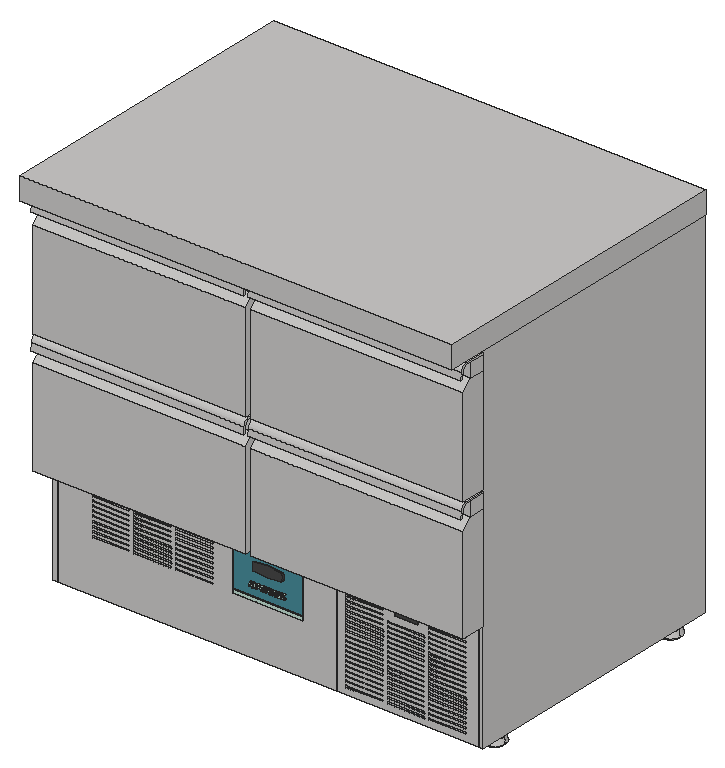
Revit family "QF_ALPENINOX_729692_ASAL25N04SH", category Specialty Equipment, Revit 2023
Family settings
  Round Connector Dimension = Use Diameter
  Part Type = Normal
  Work Plane-Based = No
  Enable Cutting in Views = No
  Always vertical = Yes
  Cut with Voids When Loaded = No
  Maintain Annotation Orientation = No
  Shared = No
  Room Calculation Point = No
Parameters (values of type "Standard")
  Weight = 85.00 kg
  Watts = 0 W
  Volts = 220 V
  URL Manufacturer = "http://www.alpeninox.com"
  URL = "http://www.alpeninox.com"
  Steam Supply Size = 0 mm
  Steam Supply Minimum Pressure = 0.0 Pa
  Steam Supply Maximum Pressure = 0.0 Pa
  Steam Consumption per Hour = 0
  Refrigeration Suction Line Size = 0 mm
  Refrigeration Liquid Line Size = 0 mm
  Refrigerant Compressor Remote = yes
  Default Elevation = 0 mm
  Manufacturer = "Alpeninox"
  Phase = 1
  Model = "ASAL25N04SH"
  Length Actual = 955 mm
  Item Number = "729692"
  Hot Water Size = 0 mm
  Height Actual = 850 mm
  HP = "0.4 HP"
  Gas Size = 0 mm
  Gas KW = 0
  Gas Input Pressure = 0 W
  Direct Waste Size = 0 mm
  Description = "4-DRAWER REFR. SUSHIDETTE COUNTER 250L -2+10°C-WITH TOP R290"
  Depth Actual = 700 mm
  Cycle = 50 Hz
  Condensate Return Size = 0 mm
  Compressed Air Volume = 0.0 L/s
  Compressed Air Size = 0 mm
  Compressed Air Pressure = 0.0 Pa
  Cold Water Size = 0 mm
  Accessory = no
Reference planes
  plane 1: z = 0
  plane 2 "Center (Left/Right)": x = -126.5
  plane 3 "Center (Front/Back)": y = 64.5
  plane 4 "BACK": y = 414.5
  plane 5 "FRONT": y = -285.5
  plane 6 "LEFT": x = -604
  plane 7 "RIGHT": x = 351
  plane 8 "FEET": z = 20
  plane 9 "TOP": z = 858
  plane 10 "PLAIN": z = 808
  plane 11 "EI_back": y = 414.5
  plane 12 "EI_left": x = 287.5
  plane 13 "BorderBack": y = 414.5
  plane 14 "BorderFront": y = -252.5
  plane 15 "DOOR": y = -197.5
  plane 16 "BorderLeft": x = -601.5
  plane 17 "BorderRight": x = 348.5
  plane 18: x = -576.5
  plane 19: x = 323.5
  plane 20: y = -701.5
  plane 21: z = 260
  plane 22 "FeetBack": y = 347.5
  plane 23 "FeetFront": y = -137.5
  plane 24 "FeetRight": x = 326.2
  plane 25 "FeetLeft": x = -579.2
  plane 26 "DrainX": x = -271.5
  plane 27 "DrainY": y = 91.5
  plane 28: z = 238
Forms (mm)
  Extrusion 1, solid, material "QF_Finishes_Stainless Steel"
    sketch origin (-1022.223, 359, -1763) x (-1, 0, 0) y (0, 0, -1)
      loop
        circle (-1309.723, -1883) r 5
    from -55.5 to -57.278
  Extrusion 2, solid, material "QF_Finishes_Stainless Steel"
    sketch origin (-1022.223, -1524, 20) x (-1, 0, 0) y (0, -1, 0)
      loop
        line (-420.723, -1938.5) -> (-420.723, -1326.5) -> (-1370.723, -1326.5) -> (-1370.723, -1938.5) -> (-420.723, -1938.5)
    from 0 to 788
  Extrusion 3, solid, material "QF_Finishes_Stainless Steel"
    sketch origin (0, 0, 808) x (-1, 0, 0) y (0, -1, 0)
      loop
        line (604, -414.5) -> (604, 285.5) -> (-351, 285.5) -> (-351, -414.5) -> (604, -414.5)
    from 0 to 50
  Extrusion 4, void
    sketch origin (0, 0, 0) x (1, 0, 0) y (0, 1, 0)
      loop
        line (-591.5, -197.5) -> (338.5, -197.5) -> (338.5, -195.5) -> (-591.5, -195.5) -> (-591.5, -197.5)
    from 20 to 260
  Extrusion 5, solid, material "QF_Finishes_Stainless Steel"
    sketch origin (0, 0, 0) x (1, 0, 0) y (0, 1, 0)
      loop
        line (-591.5, -195.5) -> (-591.5, -197.5) -> (26.373, -197.5) -> (26.373, -195.5) -> (-591.5, -195.5)
    from 20 to 260
  Extrusion 6, solid, material "QF_Finishes_Stainless Steel"
    sketch origin (0, 0, 0) x (1, 0, 0) y (0, 1, 0)
      loop
        line (26.373, -195.5) -> (26.373, -197.5) -> (338.5, -197.5) -> (338.5, -195.5) -> (26.373, -195.5)
    from 20 to 260
  Extrusion 7, void
    sketch origin (560, -285.5, 0) x (-1, 0, 0) y (0, 0, 1)
      loop
        line (514.036, 239.427) -> (431.036, 239.427) -> (431.036, 234.427) -> (514.036, 234.427) -> (514.036, 239.427)
      loop
        line (514.036, 229.427) -> (431.036, 229.427) -> (431.036, 224.427) -> (514.036, 224.427) -> (514.036, 229.427)
      loop
        line (514.036, 219.427) -> (431.036, 219.427) -> (431.036, 214.427) -> (514.036, 214.427) -> (514.036, 219.427)
      loop
        line (514.036, 209.427) -> (431.036, 209.427) -> (431.036, 204.427) -> (514.036, 204.427) -> (514.036, 209.427)
      loop
        line (514.036, 199.427) -> (431.036, 199.427) -> (431.036, 194.427) -> (514.036, 194.427) -> (514.036, 199.427)
      loop
        line (514.036, 189.427) -> (431.036, 189.427) -> (431.036, 184.427) -> (514.036, 184.427) -> (514.036, 189.427)
      loop
        line (514.036, 179.427) -> (431.036, 179.427) -> (431.036, 174.427) -> (514.036, 174.427) -> (514.036, 179.427)
      loop
        line (514.036, 169.427) -> (431.036, 169.427) -> (431.036, 164.427) -> (514.036, 164.427) -> (514.036, 169.427)
      loop
        line (514.036, 149.427) -> (431.036, 149.427) -> (431.036, 144.427) -> (514.036, 144.427) -> (514.036, 149.427)
      loop
        line (514.036, 139.427) -> (431.036, 139.427) -> (431.036, 134.427) -> (514.036, 134.427) -> (514.036, 139.427)
      loop
        line (422.036, 199.427) -> (339.036, 199.427) -> (339.036, 194.427) -> (422.036, 194.427) -> (422.036, 199.427)
      loop
        line (422.036, 189.427) -> (339.036, 189.427) -> (339.036, 184.427) -> (422.036, 184.427) -> (422.036, 189.427)
      loop
        line (422.036, 179.427) -> (339.036, 179.427) -> (339.036, 174.427) -> (422.036, 174.427) -> (422.036, 179.427)
      loop
        line (422.036, 149.427) -> (339.036, 149.427) -> (339.036, 144.427) -> (422.036, 144.427) -> (422.036, 149.427)
      loop
        line (422.036, 139.427) -> (339.036, 139.427) -> (339.036, 134.427) -> (422.036, 134.427) -> (422.036, 139.427)
      loop
        line (330.036, 239.427) -> (247.036, 239.427) -> (247.036, 234.427) -> (330.036, 234.427) -> (330.036, 239.427)
      loop
        line (330.036, 229.427) -> (247.036, 229.427) -> (247.036, 224.427) -> (330.036, 224.427) -> (330.036, 229.427)
      loop
        line (330.036, 219.427) -> (247.036, 219.427) -> (247.036, 214.427) -> (330.036, 214.427) -> (330.036, 219.427)
      loop
        line (330.036, 209.427) -> (247.036, 209.427) -> (247.036, 204.427) -> (330.036, 204.427) -> (330.036, 209.427)
      loop
        line (330.036, 199.427) -> (247.036, 199.427) -> (247.036, 194.427) -> (330.036, 194.427) -> (330.036, 199.427)
      loop
        line (330.036, 189.427) -> (247.036, 189.427) -> (247.036, 184.427) -> (330.036, 184.427) -> (330.036, 189.427)
      loop
        line (330.036, 179.427) -> (247.036, 179.427) -> (247.036, 174.427) -> (330.036, 174.427) -> (330.036, 179.427)
      loop
        line (330.036, 149.427) -> (247.036, 149.427) -> (247.036, 144.427) -> (330.036, 144.427) -> (330.036, 149.427)
      loop
        line (330.036, 139.427) -> (247.036, 139.427) -> (247.036, 134.427) -> (330.036, 134.427) -> (330.036, 139.427)
      loop
        line (422.036, 169.427) -> (339.036, 169.427) -> (339.036, 164.427) -> (422.036, 164.427) -> (422.036, 169.427)
      loop
        line (330.036, 169.427) -> (247.036, 169.427) -> (247.036, 164.427) -> (330.036, 164.427) -> (330.036, 169.427)
      loop
        line (514.036, 159.427) -> (431.036, 159.427) -> (431.036, 154.427) -> (514.036, 154.427) -> (514.036, 159.427)
      loop
        line (422.036, 159.427) -> (339.036, 159.427) -> (339.036, 154.427) -> (422.036, 154.427) -> (422.036, 159.427)
      loop
        line (330.036, 159.427) -> (247.036, 159.427) -> (247.036, 154.427) -> (330.036, 154.427) -> (330.036, 159.427)
      loop
        line (514.036, 129.427) -> (431.036, 129.427) -> (431.036, 124.427) -> (514.036, 124.427) -> (514.036, 129.427)
      loop
        line (514.036, 119.427) -> (431.036, 119.427) -> (431.036, 114.427) -> (514.036, 114.427) -> (514.036, 119.427)
      loop
        line (514.036, 109.427) -> (431.036, 109.427) -> (431.036, 104.427) -> (514.036, 104.427) -> (514.036, 109.427)
      loop
        line (514.036, 99.427) -> (431.036, 99.427) -> (431.036, 94.427) -> (514.036, 94.427) -> (514.036, 99.427)
      loop
        line (514.036, 79.427) -> (431.036, 79.427) -> (431.036, 74.427) -> (514.036, 74.427) -> (514.036, 79.427)
      loop
        line (514.036, 69.427) -> (431.036, 69.427) -> (431.036, 64.427) -> (514.036, 64.427) -> (514.036, 69.427)
      loop
        line (422.036, 129.427) -> (339.036, 129.427) -> (339.036, 124.427) -> (422.036, 124.427) -> (422.036, 129.427)
      loop
        line (422.036, 119.427) -> (339.036, 119.427) -> (339.036, 114.427) -> (422.036, 114.427) -> (422.036, 119.427)
      loop
        line (422.036, 109.427) -> (339.036, 109.427) -> (339.036, 104.427) -> (422.036, 104.427) -> (422.036, 109.427)
      loop
        line (422.036, 79.427) -> (339.036, 79.427) -> (339.036, 74.427) -> (422.036, 74.427) -> (422.036, 79.427)
      loop
        line (422.036, 69.427) -> (339.036, 69.427) -> (339.036, 64.427) -> (422.036, 64.427) -> (422.036, 69.427)
      loop
        line (330.036, 129.427) -> (247.036, 129.427) -> (247.036, 124.427) -> (330.036, 124.427) -> (330.036, 129.427)
      loop
        line (330.036, 119.427) -> (247.036, 119.427) -> (247.036, 114.427) -> (330.036, 114.427) -> (330.036, 119.427)
      loop
        line (330.036, 109.427) -> (247.036, 109.427) -> (247.036, 104.427) -> (330.036, 104.427) -> (330.036, 109.427)
      loop
        line (330.036, 79.427) -> (247.036, 79.427) -> (247.036, 74.427) -> (330.036, 74.427) -> (330.036, 79.427)
      loop
        line (330.036, 69.427) -> (247.036, 69.427) -> (247.036, 64.427) -> (330.036, 64.427) -> (330.036, 69.427)
      loop
        line (422.036, 99.427) -> (339.036, 99.427) -> (339.036, 94.427) -> (422.036, 94.427) -> (422.036, 99.427)
      loop
        line (330.036, 99.427) -> (247.036, 99.427) -> (247.036, 94.427) -> (330.036, 94.427) -> (330.036, 99.427)
      loop
        line (514.036, 89.427) -> (431.036, 89.427) -> (431.036, 84.427) -> (514.036, 84.427) -> (514.036, 89.427)
      loop
        line (422.036, 89.427) -> (339.036, 89.427) -> (339.036, 84.427) -> (422.036, 84.427) -> (422.036, 89.427)
      loop
        line (330.036, 89.427) -> (247.036, 89.427) -> (247.036, 84.427) -> (330.036, 84.427) -> (330.036, 89.427)
      loop
        line (514.036, 49.427) -> (431.036, 49.427) -> (431.036, 44.427) -> (514.036, 44.427) -> (514.036, 49.427)
      loop
        line (514.036, 39.427) -> (431.036, 39.427) -> (431.036, 34.427) -> (514.036, 34.427) -> (514.036, 39.427)
      loop
        line (422.036, 49.427) -> (339.036, 49.427) -> (339.036, 44.427) -> (422.036, 44.427) -> (422.036, 49.427)
      loop
        line (422.036, 39.427) -> (339.036, 39.427) -> (339.036, 34.427) -> (422.036, 34.427) -> (422.036, 39.427)
      loop
        line (330.036, 49.427) -> (247.036, 49.427) -> (247.036, 44.427) -> (330.036, 44.427) -> (330.036, 49.427)
      loop
        line (330.036, 39.427) -> (247.036, 39.427) -> (247.036, 34.427) -> (330.036, 34.427) -> (330.036, 39.427)
      loop
        line (514.036, 59.427) -> (431.036, 59.427) -> (431.036, 54.427) -> (514.036, 54.427) -> (514.036, 59.427)
      loop
        line (422.036, 59.427) -> (339.036, 59.427) -> (339.036, 54.427) -> (422.036, 54.427) -> (422.036, 59.427)
      loop
        line (330.036, 59.427) -> (247.036, 59.427) -> (247.036, 54.427) -> (330.036, 54.427) -> (330.036, 59.427)
      loop
        line (405.536, 239.427) -> (355.536, 239.427) -> (355.536, 214.427) -> (405.536, 214.427) -> (405.536, 239.427)
    from 88 to 90
  Extrusion 8, solid, material "QF_Finishes_Black"
    sketch origin (0, -285.5, 0) x (-1, 0, 0) y (0, 0, 1)
      loop
        line (-154.464, 239.427) -> (-204.464, 239.427) -> (-204.464, 214.427) -> (-154.464, 214.427) -> (-154.464, 239.427)
    from 88 to 90
  Extrusion 9, solid, material "QF_Finishes_Stainless Steel"
    sketch origin (-1022.223, -1524, 20) x (-1, 0, 0) y (0, -1, 0)
      loop
        circle (-750.723, -1615.5) r 6.35
    from 199.427 to 218
  Extrusion 10, void
    sketch origin (0, -285.5, 0) x (-1, 0, 0) y (0, 0, 1)
      loop
        line (514.036, 239.427) -> (431.036, 239.427) -> (431.036, 234.427) -> (514.036, 234.427) -> (514.036, 239.427)
      loop
        line (514.036, 229.427) -> (431.036, 229.427) -> (431.036, 224.427) -> (514.036, 224.427) -> (514.036, 229.427)
      loop
        line (514.036, 219.427) -> (431.036, 219.427) -> (431.036, 214.427) -> (514.036, 214.427) -> (514.036, 219.427)
      loop
        line (514.036, 209.427) -> (431.036, 209.427) -> (431.036, 204.427) -> (514.036, 204.427) -> (514.036, 209.427)
      loop
        line (514.036, 199.427) -> (431.036, 199.427) -> (431.036, 194.427) -> (514.036, 194.427) -> (514.036, 199.427)
      loop
        line (514.036, 189.427) -> (431.036, 189.427) -> (431.036, 184.427) -> (514.036, 184.427) -> (514.036, 189.427)
      loop
        line (514.036, 179.427) -> (431.036, 179.427) -> (431.036, 174.427) -> (514.036, 174.427) -> (514.036, 179.427)
      loop
        line (514.036, 169.427) -> (431.036, 169.427) -> (431.036, 164.427) -> (514.036, 164.427) -> (514.036, 169.427)
      loop
        line (514.036, 149.427) -> (431.036, 149.427) -> (431.036, 144.427) -> (514.036, 144.427) -> (514.036, 149.427)
      loop
        line (514.036, 139.427) -> (431.036, 139.427) -> (431.036, 134.427) -> (514.036, 134.427) -> (514.036, 139.427)
      loop
        line (422.036, 199.427) -> (339.036, 199.427) -> (339.036, 194.427) -> (422.036, 194.427) -> (422.036, 199.427)
      loop
        line (422.036, 189.427) -> (339.036, 189.427) -> (339.036, 184.427) -> (422.036, 184.427) -> (422.036, 189.427)
      loop
        line (422.036, 179.427) -> (339.036, 179.427) -> (339.036, 174.427) -> (422.036, 174.427) -> (422.036, 179.427)
      loop
        line (422.036, 149.427) -> (339.036, 149.427) -> (339.036, 144.427) -> (422.036, 144.427) -> (422.036, 149.427)
      loop
        line (422.036, 139.427) -> (339.036, 139.427) -> (339.036, 134.427) -> (422.036, 134.427) -> (422.036, 139.427)
      loop
        line (330.036, 239.427) -> (247.036, 239.427) -> (247.036, 234.427) -> (330.036, 234.427) -> (330.036, 239.427)
      loop
        line (330.036, 229.427) -> (247.036, 229.427) -> (247.036, 224.427) -> (330.036, 224.427) -> (330.036, 229.427)
      loop
        line (330.036, 219.427) -> (247.036, 219.427) -> (247.036, 214.427) -> (330.036, 214.427) -> (330.036, 219.427)
      loop
        line (330.036, 209.427) -> (247.036, 209.427) -> (247.036, 204.427) -> (330.036, 204.427) -> (330.036, 209.427)
      loop
        line (330.036, 199.427) -> (247.036, 199.427) -> (247.036, 194.427) -> (330.036, 194.427) -> (330.036, 199.427)
      loop
        line (330.036, 189.427) -> (247.036, 189.427) -> (247.036, 184.427) -> (330.036, 184.427) -> (330.036, 189.427)
      loop
        line (330.036, 179.427) -> (247.036, 179.427) -> (247.036, 174.427) -> (330.036, 174.427) -> (330.036, 179.427)
      loop
        line (330.036, 149.427) -> (247.036, 149.427) -> (247.036, 144.427) -> (330.036, 144.427) -> (330.036, 149.427)
      loop
        line (330.036, 139.427) -> (247.036, 139.427) -> (247.036, 134.427) -> (330.036, 134.427) -> (330.036, 139.427)
      loop
        line (422.036, 169.427) -> (339.036, 169.427) -> (339.036, 164.427) -> (422.036, 164.427) -> (422.036, 169.427)
      loop
        line (330.036, 169.427) -> (247.036, 169.427) -> (247.036, 164.427) -> (330.036, 164.427) -> (330.036, 169.427)
      loop
        line (514.036, 159.427) -> (431.036, 159.427) -> (431.036, 154.427) -> (514.036, 154.427) -> (514.036, 159.427)
      loop
        line (422.036, 159.427) -> (339.036, 159.427) -> (339.036, 154.427) -> (422.036, 154.427) -> (422.036, 159.427)
      loop
        line (330.036, 159.427) -> (247.036, 159.427) -> (247.036, 154.427) -> (330.036, 154.427) -> (330.036, 159.427)
      loop
        line (422.036, 239.427) -> (339.036, 239.427) -> (339.036, 234.427) -> (422.036, 234.427) -> (422.036, 239.427)
      loop
        line (422.036, 229.427) -> (339.036, 229.427) -> (339.036, 224.427) -> (422.036, 224.427) -> (422.036, 229.427)
      loop
        line (422.036, 219.427) -> (339.036, 219.427) -> (339.036, 214.427) -> (422.036, 214.427) -> (422.036, 219.427)
      loop
        line (422.036, 209.427) -> (339.036, 209.427) -> (339.036, 204.427) -> (422.036, 204.427) -> (422.036, 209.427)
      loop
        line (204.5, 134.427) -> (204.5, 239.427) -> (48.5, 239.427) -> (48.5, 134.427) -> (204.5, 134.427)
    from 88 to 90
Cuts and joins
  Extrusion 4, Extrusion 7, Extrusion 10 cuts Extrusion 2
  Extrusion 7, Extrusion 10 cuts Extrusion 5
  Extrusion 7 cuts Extrusion 6
Lines and regions (mm)
  symbolic lines, style "SpecialityEquipment"
    curve 1: line (-604, 414.5, 808) -> (351, 414.5, 808)
    curve 2: line (-604, -285.5, 808) -> (-604, 414.5, 808)
    curve 3: line (351, -285.5, 808) -> (-604, -285.5, 808)
    curve 4: line (351, 414.5, 808) -> (351, -285.5, 808)
  symbolic lines, style "SpecialityEquipmentHiddenLines"
    curve 5: line (-604, -197.5, 808) -> (351, -197.5, 808)
Dimensions and locks
  equal spacing: plane 6 "LEFT", plane 2 "Center (Left/Right)", plane 7 "RIGHT"
  plane 8 "FEET" to level = 20 mm
  plane 4 "BACK" to plane 13 "BorderBack" = 0 mm
  plane 14 "BorderFront" to plane 5 "FRONT" = 33 mm
  plane 15 "DOOR" to plane 14 "BorderFront" = 55 mm
  plane 6 "LEFT" to plane 16 "BorderLeft" = 2.5 mm
  plane 17 "BorderRight" to plane 7 "RIGHT" = 2.5 mm
  plane 10 "PLAIN" to plane 8 "FEET" = 788 mm
  plane 9 "TOP" to plane 10 "PLAIN" = 50 mm
  plane 19 to plane 17 "BorderRight" = 25 mm
  plane 13 "BorderBack" to plane 11 "EI_back" = 0 mm
  plane 6 "LEFT" to plane 7 "RIGHT" = 955 mm
  plane 4 "BACK" to plane 5 "FRONT" = 700 mm
  equal spacing: plane 4 "BACK", plane 3 "Center (Front/Back)", plane 5 "FRONT"
  plane 13 "BorderBack" to plane 20 = 1116 mm
  plane 21 to plane 8 "FEET" = 240 mm
  plane 13 "BorderBack" to plane 22 "FeetBack" = 67 mm
  plane 23 "FeetFront" to plane 15 "DOOR" = 60 mm
  plane 24 "FeetRight" to plane 17 "BorderRight" = 22.3 mm
  plane 12 "EI_left" to plane 17 "BorderRight" = 61 mm
  plane 13 "BorderBack" to plane 27 "DrainY" = 323 mm
  plane 16 "BorderLeft" to plane 26 "DrainX" = 330 mm
  plane 28 to plane 8 "FEET" = 218 mm
  aligned and locked: level to plane 1
Automatic sketch dimensions
  Extrusion 1 sketch curve to plane 12 "EI_left" = 0 mm
  plane 8 "FEET" to Extrusion 1 sketch curve = 100 mm
  Extrusion 2 sketch curve to plane 4 "BACK" = 0 mm
  Extrusion 2 sketch curve to plane 17 "BorderRight" = 0 mm
  Extrusion 2 sketch curve to plane 15 "DOOR" = 0 mm
  Extrusion 2 sketch curve to plane 16 "BorderLeft" = 0 mm
  Extrusion 3 sketch curve to plane 4 "BACK" = 0 mm
  Extrusion 3 sketch curve to plane 7 "RIGHT" = 0 mm
  Extrusion 3 sketch curve to plane 5 "FRONT" = 0 mm
  Extrusion 3 sketch curve to plane 6 "LEFT" = 0 mm
  Extrusion 4 sketch curve to plane 15 "DOOR" = 0 mm
  plane 16 "BorderLeft" to Extrusion 4 sketch curve = 10 mm
  Extrusion 4 sketch curve to plane 17 "BorderRight" = 10 mm
  plane 15 "DOOR" to Extrusion 4 sketch curve = 2 mm
  Extrusion 5 sketch curve to plane 15 "DOOR" = 0 mm
  plane 16 "BorderLeft" to Extrusion 5 sketch curve = 10 mm
  plane 2 "Center (Left/Right)" to Extrusion 5 sketch curve = 152.873 mm
  plane 15 "DOOR" to Extrusion 5 sketch curve = 2 mm
  Extrusion 6 sketch curve to plane 15 "DOOR" = 0 mm
  plane 2 "Center (Left/Right)" to Extrusion 6 sketch curve = 152.873 mm
  Extrusion 6 sketch curve to plane 17 "BorderRight" = 10 mm
  plane 15 "DOOR" to Extrusion 6 sketch curve = 2 mm
  Extrusion 7 sketch curve to plane 19 = 10.536 mm  (x6)
  Extrusion 7 sketch curve to Extrusion 7 sketch curve = 0 mm  (x96)
  Extrusion 7 sketch curve to Extrusion 7 sketch curve = 83 mm  (x4)
  Extrusion 7 sketch curve to plane 21 = 20.573 mm  (x2)
  Extrusion 7 sketch curve to Extrusion 7 sketch curve = 9 mm  (x11)
  Extrusion 7 sketch curve to Extrusion 7 sketch curve = 66.5 mm
  Extrusion 7 sketch curve to Extrusion 7 sketch curve = 16.5 mm
  plane 8 "FEET" to Extrusion 7 sketch curve = 29.427 mm  (x2)
  Extrusion 7 sketch curve to Extrusion 7 sketch curve = 5 mm  (x115)
  Extrusion 7 sketch curve to Extrusion 7 sketch curve = 15 mm
  Extrusion 7 sketch curve to Extrusion 7 sketch curve = 25.5 mm
  Extrusion 8 sketch curve to plane 21 = 20.573 mm
  Extrusion 8 sketch curve to plane 19 = 119.036 mm
  Extrusion 8 sketch curve to Extrusion 8 sketch curve = 50 mm
  Extrusion 8 sketch curve to Extrusion 8 sketch curve = 25 mm
  Extrusion 9 sketch curve to plane 26 "DrainX" = 0 mm
  Extrusion 9 sketch curve to plane 27 "DrainY" = 0 mm
  curve 1 to plane 4 "BACK" = 0 mm
  curve 5 to plane 7 "RIGHT" = 0 mm
  curve 3 to plane 5 "FRONT" = 0 mm
  curve 3 to plane 6 "LEFT" = 0 mm
  curve 5 to plane 15 "DOOR" = 0 mm
  plane 2 "Center (Left/Right)" to Extrusion 10 sketch curve = 78 mm
  plane 28 to Extrusion 10 sketch curve = 1.427 mm  (x4)
  plane 26 "DrainX" to Extrusion 10 sketch curve = 67 mm
  plane 26 "DrainX" to Extrusion 10 sketch curve = 24.464 mm  (x2)
  Extrusion 10 sketch curve to Extrusion 10 sketch curve = 0 mm  (x56)
  Extrusion 10 sketch curve to plane 26 "DrainX" = 58.536 mm
  Extrusion 10 sketch curve to Extrusion 10 sketch curve = 9 mm  (x6)
  Extrusion 10 sketch curve to Extrusion 10 sketch curve = 83 mm
  Extrusion 10 sketch curve to plane 28 = 3.573 mm  (x3)
  Extrusion 10 sketch curve to plane 28 = 13.573 mm  (x2)
  plane 18 to Extrusion 10 sketch curve = 62.464 mm  (x2)
  Extrusion 10 sketch curve to Extrusion 10 sketch curve = 5 mm  (x57)
  radius of Extrusion 1 sketch curve = 5 mm
  radius of Extrusion 9 sketch curve = 6.35 mm
Nested families
  nested 1: "HORIZREF_ALP_HALF" at (-366.5, -197.5, 531.5) x (1, 0, 0) z (0, -1, 0), type "HORIZREF_ALP_HALF"
  nested 2: "HORIZREF_ALP_DISPLAY" at (-126.5, -195.5, 184.427) x (1, 0, 0) z (0, -1, 0), type "HORIZREF_ALP_DISPLAY"
  nested 3: "HORIZREF_FEET20" at (326.2, -137.5, 0), type "HORIZREF_FEET20"
  nested 4: "HORIZREF_FEET20" at (326.2, 347.5, 0), type "HORIZREF_FEET20"
  nested 5: "HORIZREF_FEET20" at (-579.2, -137.5, 0), type "HORIZREF_FEET20"
  nested 6: "HORIZREF_FEET20" at (-579.2, 347.5, 0), type "HORIZREF_FEET20"
  nested 7: "HORIZREF_ALP_HALF" at (113.5, -197.5, 531.5) x (1, 0, 0) z (0, -1, 0), type "HORIZREF_ALP_HALF"
  nested 8: "Refrigerator" at (351, -285.5, 808), type "Refrigerator"
Connectors
  electrical at (287.5, 416.278, 120), driven by "Volts"
    settings: on Extrusion 1, index 1, voltage 220 V, apparent load 0 VA, apparent load phase1 0 VA, apparent load phase2 0 VA, apparent load phase3 0 VA, power factor 1, load classification "Other", number of poles 1, system type 31, power factor state 1, is connector primary yes, connector utility no, sub classification motor no, connector description "Electrical Connection"
  piping at (-271.5, 91.5, 219.427), diameter 12.7
    settings: on Extrusion 9, index 2, connector inside diameter 609.6 mm, connector length 0 mm, flow factor 0, pipe flow 0.0 L/s, pressure drop 0.0 Pa, fitting loss kfactor 0, connector angle 0.00°, fixture units 0, engagement length 0 mm, angle of deflection 0.00°, flow configuration 0, flow direction 2, fitting loss method 0, system type 16, joint type 0, gender type 0, connector reference index -1, connector utility 0, adjustable connector no, is connector primary yes, connector description "Drain"
Definition of nested family "HORIZREF_ALP_HALF"
  Parameters (values of type "HORIZREF_ALP_HALF")
    Show Clearance [instance] = yes
    Default Elevation = 1219.2 mm
  Reference planes
    plane 1 "Centro (Fronte/Retro)": y = 0
    plane 2: z = 0
    plane 3 "Centro (Sinistra/Destra)": x = 0
    plane 4 "Left": x = -235
    plane 5 "Right": x = 235
    plane 6: y = -271.5
    plane 7: y = 271.5
  Forms (mm)
    Extrusion 1, solid
      sketch origin (0, 0, 0) x (1, 0, 0) y (0, 1, 0)
        loop
          line (-1219.2, 1219.2) -> (-1219.2, -1219.2) -> (1219.2, -1219.2) -> (1219.2, 1219.2) -> (-1219.2, 1219.2)
      from 0 to -304.8
    Extrusion 2, solid
      sketch origin (0, -42.5, -3) x (0, 1, 0) y (0, 0, 1)
        loop
          line (42.5, 58) -> (42.5, 3) -> (279.183, 3) -> (279.183, 37.596) -> (258.779, 58) -> (42.5, 58)
      from -235 to 235
    Extrusion 3, solid
      sketch origin (0, -42.5, 0) x (0, 1, 0) y (0, 0, 1)
        loop
          line (314, 0) -> (314, 44.493)
          arc (314, 44.493) -> (310.059, 54.627) -> (300.307, 59.436) r 15
          line (300.307, 59.436) -> (285.612, 60.721) -> (285.351, 57.733) -> (300.046, 56.447)
          arc (300.046, 56.447) -> (307.847, 52.6) -> (311, 44.493) r 12
          line (311, 44.493) -> (311, 0) -> (314, 0)
      from -235 to 235
    Extrusion 4, solid
      sketch origin (0, -42.5, -3) x (0, 1, 0) y (0, 0, 1)
        loop
          line (279.183, 37.596) -> (279.183, 3) -> (311, 3) -> (311, 37.596) -> (279.183, 37.596)
      from -235 to 235
    Extrusion 5, solid
      sketch origin (0, -42.5, -3) x (0, 1, 0) y (0, 0, 1)
        loop
          line (-229, 58) -> (-229, 3) -> (4.183, 3) -> (4.183, 37.596) -> (-16.221, 58) -> (-229, 58)
      from -235 to 235
    Extrusion 6, solid
      sketch origin (0, -317.5, 0) x (0, 1, 0) y (0, 0, 1)
        loop
          line (314, 0) -> (314, 44.493)
          arc (314, 44.493) -> (310.059, 54.627) -> (300.307, 59.436) r 15
          line (300.307, 59.436) -> (285.612, 60.721) -> (285.351, 57.733) -> (300.046, 56.447)
          arc (300.046, 56.447) -> (307.847, 52.6) -> (311, 44.493) r 12
          line (311, 44.493) -> (311, 0) -> (314, 0)
      from -235 to 235
    Extrusion 7, solid
      sketch origin (0, -317.5, -3) x (0, 1, 0) y (0, 0, 1)
        loop
          line (279.183, 37.596) -> (279.183, 3) -> (311, 3) -> (311, 37.596) -> (279.183, 37.596)
      from -235 to 235
    Extrusion 8, solid, detail levels coarse
      sketch origin (0, -42.5, 446) x (0, 1, 0) y (0, 0, 1)
        loop
          line (42.5, 58) -> (42.5, 3) -> (279.183, 3) -> (279.183, 37.596) -> (258.779, 58) -> (42.5, 58)
      from -235 to 235
    Extrusion 9, solid, detail levels coarse
      sketch origin (0, -42.5, 446) x (0, 1, 0) y (0, 0, 1)
        loop
          line (-229, 58) -> (-229, 3) -> (4.183, 3) -> (4.183, 37.596) -> (-16.221, 58) -> (-229, 58)
      from -235 to 235
    Extrusion 10, solid, detail levels coarse
      sketch origin (0, -42.5, 454) x (0, 1, 0) y (0, 0, 1)
        loop
          line (314, -5) -> (314, 39.493)
          arc (314, 39.493) -> (310.059, 49.627) -> (300.307, 54.436) r 15
          line (300.307, 54.436) -> (285.612, 55.721) -> (285.351, 52.733) -> (300.046, 51.447)
          arc (300.046, 51.447) -> (307.847, 47.6) -> (311, 39.493) r 12
          line (311, 39.493) -> (311, -5) -> (314, -5)
      from -235 to 235
    Extrusion 11, solid, detail levels coarse
      sketch origin (0, -317.5, 454) x (0, 1, 0) y (0, 0, 1)
        loop
          line (314, -5) -> (314, 39.493)
          arc (314, 39.493) -> (310.059, 49.627) -> (300.307, 54.436) r 15
          line (300.307, 54.436) -> (285.612, 55.721) -> (285.351, 52.733) -> (300.046, 51.447)
          arc (300.046, 51.447) -> (307.847, 47.6) -> (311, 39.493) r 12
          line (311, 39.493) -> (311, -5) -> (314, -5)
      from -235 to 235
    Extrusion 12, solid, detail levels coarse
      sketch origin (0, -42.5, 446) x (0, 1, 0) y (0, 0, 1)
        loop
          line (279.183, 37.596) -> (279.183, 3) -> (311, 3) -> (311, 37.596) -> (279.183, 37.596)
      from -235 to 235
    Extrusion 13, solid, detail levels coarse
      sketch origin (0, -317.5, 446) x (0, 1, 0) y (0, 0, 1)
        loop
          line (279.183, 37.596) -> (279.183, 3) -> (311, 3) -> (311, 37.596) -> (279.183, 37.596)
      from -235 to 235
    Extrusion 14, solid, detail levels coarse
      sketch origin (0, 0, 0) x (0, 1, 0) y (0, 0, 1)
        loop
          line (0, 449) -> (0, 55) -> (200, 55) -> (200, 449) -> (0, 449)
        loop
          line (-271.5, 449) -> (-271.5, 55) -> (-71.5, 55) -> (-71.5, 449) -> (-271.5, 449)
      from -164 to 164
  Lines and regions (mm)
    symbolic lines
      curve 1: line (164, 0, 239) -> (164, 0, 88)
      curve 2: line (-164, 0, 239) -> (-164, 0, 88)
      curve 3: line (235, 0, 454) -> (235, 0, 504.219)
      curve 4: line (-235, 0, 454) -> (235, 0, 454)
      curve 5: line (-235, 0, 504.219) -> (-235, 0, 454)
      curve 6: line (-235, 0, 504.219) -> (235, 0, 504.219)
      curve 7: line (235, 0, 239) -> (235, 0, 294)
      curve 8: line (-235, 0, 239) -> (235, 0, 239)
      curve 9: line (-235, 0, 294) -> (-235, 0, 239)
      curve 10: line (-235, 0, 294) -> (235, 0, 294)
      curve 11: line (164, 0, 454) -> (164, 0, 294)
      curve 12: line (-164, 0, 454) -> (-164, 0, 294)
  Dimensions and locks
    plane 4 "Left" to plane 3 "Centro (Sinistra/Destra)" to plane 5 "Right" = 235 mm, 235 mm
    equal spacing: plane 7, plane 1 "Centro (Fronte/Retro)", plane 6
    plane 7 to plane 6 = 543 mm
    aligned and locked: plane 2 to Extrusion 1
    aligned and locked: level to Extrusion 1
  Automatic sketch dimensions
    Extrusion 1 sketch curve to Extrusion 1 sketch curve = 2438.4 mm  (x2)
    Extrusion 2 sketch curve to plane 1 "Centro (Fronte/Retro)" = 0 mm
    Extrusion 2 sketch curve to level = 0 mm
    Extrusion 2 sketch curve to plane 7 = 55.221 mm
    Extrusion 2 sketch curve to Extrusion 2 sketch curve = 20.404 mm  (x2)
    level to Extrusion 2 sketch curve = 34.596 mm
    Extrusion 3 sketch curve to Extrusion 3 sketch curve = 0 mm  (x2)
    Extrusion 3 sketch curve to level = 0 mm
    Extrusion 3 sketch curve to plane 7 = 0 mm
    Extrusion 3 sketch curve to Extrusion 3 sketch curve = 3 mm
    Extrusion 3 sketch curve to plane 7 = 13.693 mm
    Extrusion 3 sketch curve to Extrusion 3 sketch curve = 0.261 mm  (x2)
    Extrusion 3 sketch curve to Extrusion 3 sketch curve = 1.046 mm
    Extrusion 3 sketch curve to Extrusion 3 sketch curve = 14.695 mm
    level to Extrusion 3 sketch curve = 44.493 mm
    Extrusion 4 sketch curve to level = 0 mm
    Extrusion 4 sketch curve to plane 7 = 34.817 mm
    Extrusion 4 sketch curve to plane 7 = 3 mm
    level to Extrusion 4 sketch curve = 34.596 mm
    Extrusion 5 sketch curve to plane 6 = 0 mm
    Extrusion 5 sketch curve to level = 0 mm
    plane 1 "Centro (Fronte/Retro)" to Extrusion 5 sketch curve = 58.721 mm
    Extrusion 5 sketch curve to Extrusion 5 sketch curve = 20.404 mm  (x2)
    Extrusion 5 sketch curve to Extrusion 5 sketch curve = 34.596 mm
    Extrusion 6 sketch curve to Extrusion 6 sketch curve = 0 mm  (x2)
    Extrusion 6 sketch curve to level = 0 mm
    plane 1 "Centro (Fronte/Retro)" to Extrusion 6 sketch curve = 32.149 mm
    Extrusion 6 sketch curve to Extrusion 6 sketch curve = 0.261 mm  (x2)
    plane 1 "Centro (Fronte/Retro)" to Extrusion 6 sketch curve = 18.5 mm
    Extrusion 6 sketch curve to Extrusion 6 sketch curve = 1.046 mm
    plane 1 "Centro (Fronte/Retro)" to Extrusion 6 sketch curve = 6.5 mm
    Extrusion 6 sketch curve to Extrusion 6 sketch curve = 3 mm
    Extrusion 6 sketch curve to Extrusion 6 sketch curve = 44.493 mm
    Extrusion 7 sketch curve to level = 0 mm
    plane 1 "Centro (Fronte/Retro)" to Extrusion 7 sketch curve = 38.317 mm
    plane 1 "Centro (Fronte/Retro)" to Extrusion 7 sketch curve = 6.5 mm
    Extrusion 7 sketch curve to Extrusion 7 sketch curve = 34.596 mm
    Extrusion 8 sketch curve to plane 1 "Centro (Fronte/Retro)" = 0 mm
    Extrusion 8 sketch curve to plane 7 = 55.221 mm
    Extrusion 8 sketch curve to Extrusion 8 sketch curve = 20.404 mm  (x2)
    level to Extrusion 8 sketch curve = 449 mm
    Extrusion 8 sketch curve to Extrusion 8 sketch curve = 34.596 mm
    Extrusion 9 sketch curve to plane 6 = 0 mm
    plane 1 "Centro (Fronte/Retro)" to Extrusion 9 sketch curve = 58.721 mm
    Extrusion 9 sketch curve to Extrusion 9 sketch curve = 20.404 mm  (x2)
    level to Extrusion 9 sketch curve = 449 mm
    Extrusion 9 sketch curve to Extrusion 9 sketch curve = 34.596 mm
    Extrusion 10 sketch curve to Extrusion 10 sketch curve = 0 mm  (x2)
    Extrusion 10 sketch curve to plane 7 = 0 mm
    Extrusion 10 sketch curve to plane 7 = 3 mm
    Extrusion 10 sketch curve to plane 7 = 13.693 mm
    Extrusion 10 sketch curve to Extrusion 10 sketch curve = 0.261 mm  (x2)
    Extrusion 10 sketch curve to Extrusion 10 sketch curve = 1.046 mm
    Extrusion 10 sketch curve to Extrusion 10 sketch curve = 14.695 mm
    level to Extrusion 10 sketch curve = 449 mm
    Extrusion 10 sketch curve to Extrusion 10 sketch curve = 44.493 mm
    Extrusion 11 sketch curve to Extrusion 11 sketch curve = 0 mm  (x2)
    plane 1 "Centro (Fronte/Retro)" to Extrusion 11 sketch curve = 32.149 mm
    Extrusion 11 sketch curve to Extrusion 11 sketch curve = 0.261 mm  (x2)
    plane 1 "Centro (Fronte/Retro)" to Extrusion 11 sketch curve = 18.5 mm
    Extrusion 11 sketch curve to Extrusion 11 sketch curve = 1.046 mm
    plane 1 "Centro (Fronte/Retro)" to Extrusion 11 sketch curve = 6.5 mm
    Extrusion 11 sketch curve to Extrusion 11 sketch curve = 3 mm
    level to Extrusion 11 sketch curve = 449 mm
    Extrusion 11 sketch curve to Extrusion 11 sketch curve = 44.493 mm
    Extrusion 12 sketch curve to plane 7 = 34.817 mm
    Extrusion 12 sketch curve to plane 7 = 3 mm
    level to Extrusion 12 sketch curve = 449 mm
    Extrusion 12 sketch curve to Extrusion 12 sketch curve = 34.596 mm
    plane 1 "Centro (Fronte/Retro)" to Extrusion 13 sketch curve = 38.317 mm
    plane 1 "Centro (Fronte/Retro)" to Extrusion 13 sketch curve = 6.5 mm
    level to Extrusion 13 sketch curve = 449 mm
    Extrusion 13 sketch curve to Extrusion 13 sketch curve = 34.596 mm
    Extrusion 14 sketch curve to plane 6 = 0 mm
    Extrusion 14 sketch curve to plane 1 "Centro (Fronte/Retro)" = 0 mm
    plane 1 "Centro (Fronte/Retro)" to Extrusion 14 sketch curve = 71.5 mm
    Extrusion 14 sketch curve to plane 7 = 71.5 mm
    level to Extrusion 14 sketch curve = 55 mm  (x2)
    Extrusion 14 sketch curve to Extrusion 14 sketch curve = 394 mm
    Extrusion 14 sketch curve to Extrusion 14 sketch curve = 0 mm
    curve 6 to plane 4 "Left" = 0 mm
    curve 9 to plane 4 "Left" = 0 mm
    curve 10 to plane 5 "Right" = 0 mm
    curve 6 to plane 5 "Right" = 0 mm
    level to curve 9 = 239 mm
    curve 8 to curve 10 = 55 mm
    curve 7 to curve 3 = 160 mm
    curve 4 to curve 6 = 50.219 mm
    plane 4 "Left" to curve 12 = 71 mm
    curve 12 to curve 2 = 0 mm
    curve 11 to plane 5 "Right" = 71 mm
    curve 1 to plane 5 "Right" = 71 mm
    level to curve 2 = 88 mm
    level to curve 1 = 88 mm
Definition of nested family "HORIZREF_ALP_DISPLAY"
  Parameters (values of type "HORIZREF_ALP_DISPLAY")
    Show Logo [instance] = yes
    Default Elevation = 1219.2 mm
  Reference planes
    plane 1 "Centro (Fronte/Retro)": y = 0
    plane 2: z = 0
    plane 3 "Centro (Sinistra/Destra)": x = 0
  Forms (mm)
    Extrusion 1, solid
      sketch origin (0, 0, 0) x (1, 0, 0) y (0, 1, 0)
        loop
          line (-1219.2, 1219.2) -> (-1219.2, -1219.2) -> (1219.2, -1219.2) -> (1219.2, 1219.2) -> (-1219.2, 1219.2)
      from 0 to -304.8
    Extrusion 2, solid
      sketch origin (0, -268.882, 0) x (1, 0, 0) y (0, 1, 0)
        loop
          line (-78, 227.882) -> (78, 227.882) -> (78, 313.882) -> (-78, 313.882) -> (-78, 227.882)
        loop
          line (78, 226.882) -> (-78, 226.882) -> (-78, 225.882) -> (78, 225.882) -> (78, 226.882)
        loop
          line (-78, 314.882) -> (78, 314.882) -> (78, 315.882) -> (-78, 315.882) -> (-78, 314.882)
        loop
          arc (-28.46, 298.329) -> (-30.075, 297.487) -> (-30.905, 295.866) r 3
          arc (-30.905, 295.866) -> (-31.463, 289.138) -> (-30.91, 282.409) r 41.036
          arc (-30.91, 282.409) -> (-30.069, 280.766) -> (-28.432, 279.912) r 3.039
          arc (-28.432, 279.912) -> (1.538, 277.364) -> (31.496, 280.055) r 172.681
          arc (31.496, 280.055) -> (33.106, 280.903) -> (33.929, 282.526) r 3
          arc (33.929, 282.526) -> (34.463, 289.123) -> (33.929, 295.72) r 41.036
          arc (33.929, 295.72) -> (33.106, 297.343) -> (31.496, 298.191) r 3
          arc (31.496, 298.191) -> (1.524, 300.882) -> (-28.46, 298.329) r 172.681
      from 0 to 2
    Extrusion 3, solid
      sketch origin (0, -270.882, 0) x (1, 0, 0) y (0, 1, 0)
        loop
          line (-78, 325.882) -> (-78, 317.882) -> (78, 317.882) -> (78, 325.882) -> (-78, 325.882)
        loop
          line (-78, 316.882) -> (-78, 315.882) -> (78, 315.882) -> (78, 316.882) -> (-78, 316.882)
      from 0 to 2
    Extrusion 4, solid
      sketch origin (0, -270.882, 0) x (1, 0, 0) y (0, 1, 0)
        loop
          arc (-28.46, 300.329) -> (-30.075, 299.487) -> (-30.905, 297.866) r 3
          arc (-30.905, 297.866) -> (-31.463, 291.138) -> (-30.91, 284.409) r 41.036
          arc (-30.91, 284.409) -> (-30.069, 282.766) -> (-28.432, 281.912) r 3.039
          arc (-28.432, 281.912) -> (1.538, 279.364) -> (31.496, 282.055) r 172.681
          arc (31.496, 282.055) -> (33.106, 282.903) -> (33.929, 284.526) r 3
          arc (33.929, 284.526) -> (34.463, 291.123) -> (33.929, 297.72) r 41.036
          arc (33.929, 297.72) -> (33.106, 299.343) -> (31.496, 300.191) r 3
          arc (31.496, 300.191) -> (1.524, 302.882) -> (-28.46, 300.329) r 172.681
      from 0 to 5
    Extrusion 5, solid
      sketch origin (0, 274.882, 0) x (1, 0, 0) y (0, 1, 0)
        loop
          line (-78, -325.882) -> (78, -325.882) -> (78, -317.882) -> (-78, -317.882) -> (-78, -325.882)
        loop
          line (-78, -316.882) -> (78, -316.882) -> (78, -315.882) -> (-78, -315.882) -> (-78, -316.882)
      from 0 to 2
  Dimensions and locks
    aligned and locked: plane 2 to Extrusion 1
    aligned and locked: level to Extrusion 1
  Nested families
    nested 1: "ALPENINOX_Logo" at (9.92, 30.544, 2), type "ALPENINOX_Logo"
      with Show Logo yes
  Definition of nested family "ALPENINOX_Logo"
    Parameters (values of type "ALPENINOX_Logo")
      Show Logo [instance] = yes
      Default Elevation = 1219.2 mm
    Reference planes
      plane 1 "Center (Front/Back)": y = -49
      plane 2: z = 0
      plane 3 "Center (Left/Right)": x = -9.92
    Forms (mm)
      Extrusion 1, solid
        sketch origin (0, 0, 0) x (1, 0, 0) y (0, 1, 0)
          loop
            line (-1219.2, 1219.2) -> (-1219.2, -1219.2) -> (1219.2, -1219.2) -> (1219.2, 1219.2) -> (-1219.2, 1219.2)
        from 0 to -304.8
      Extrusion 2, solid
        sketch origin (102.031, -213.088, 0) x (1, 0, 0) y (0, 1, 0)
          loop
            line (-150.434, 168.342) -> (-153.458, 160.223)
            arc (-153.458, 160.223) -> (-152.821, 158.749) -> (-151.375, 159.447) r 1.112
            line (-151.375, 159.447) -> (-150.914, 160.865) -> (-146.731, 160.865) -> (-146.277, 159.462)
            arc (-146.277, 159.462) -> (-144.87, 158.785) -> (-144.261, 160.223) r 1.079
            line (-144.261, 160.223) -> (-147.211, 168.342)
            arc (-147.211, 168.342) -> (-148.822, 169.579) -> (-150.434, 168.342) r 1.668
          loop
            line (-148.82, 167.295) -> (-150.267, 162.924) -> (-147.406, 162.924) -> (-148.82, 167.295)
          loop
            arc (-143.173, 159.999) -> (-142.814, 159.134) -> (-141.949, 158.776) r 1.224
            line (-141.949, 158.776) -> (-138.238, 158.776)
            arc (-138.238, 158.776) -> (-137.208, 159.805) -> (-138.238, 160.835) r 1.029
            line (-138.238, 160.835) -> (-140.916, 160.835) -> (-140.916, 168.326)
            arc (-140.916, 168.326) -> (-142.044, 169.454) -> (-143.173, 168.326) r 1.128
            line (-143.173, 168.326) -> (-143.173, 159.999)
          loop
            line (-136.188, 168.237) -> (-136.188, 159.851)
            arc (-136.188, 159.851) -> (-135.06, 158.723) -> (-133.932, 159.851) r 1.128
            line (-133.932, 159.851) -> (-133.932, 162.298) -> (-132.261, 162.298)
            arc (-132.261, 162.298) -> (-129.65, 163.089) -> (-128.523, 165.573) r 3.304
            arc (-128.523, 165.573) -> (-129.645, 168.28) -> (-132.351, 169.401) r 3.828
            line (-132.351, 169.401) -> (-135.023, 169.401)
            arc (-135.023, 169.401) -> (-135.847, 169.06) -> (-136.188, 168.237) r 1.164
          loop
            line (-133.932, 164.266) -> (-132.393, 164.266)
            arc (-132.393, 164.266) -> (-130.811, 165.848) -> (-132.393, 167.431) r 1.582
            line (-132.393, 167.431) -> (-133.932, 167.431) -> (-133.932, 164.266)
          loop
            arc (-120.085, 165.091) -> (-120.75, 166.603) -> (-122.176, 167.435) r 2.671
            arc (-122.176, 167.435) -> (-124.269, 166.976) -> (-125.288, 165.091) r 2.571
            line (-125.288, 165.091) -> (-120.085, 165.091)
          loop
            line (-125.229, 162.995) -> (-119.568, 162.995)
            arc (-119.568, 162.995) -> (-118.554, 163.135) -> (-117.752, 163.77) r 1.943
            arc (-117.752, 163.77) -> (-117.634, 164.453) -> (-117.679, 165.145) r 2.942
            arc (-117.679, 165.145) -> (-119.421, 168.191) -> (-122.68, 169.492) r 5.326
            arc (-122.68, 169.492) -> (-126.346, 167.822) -> (-127.757, 164.048) r 5.263
            arc (-127.757, 164.048) -> (-126.636, 160.604) -> (-123.499, 158.791) r 5.061
            arc (-123.499, 158.791) -> (-121.492, 158.772) -> (-119.568, 159.344) r 6.768
            arc (-119.568, 159.344) -> (-118.695, 159.788) -> (-118.027, 160.505) r 2.822
            arc (-118.027, 160.505) -> (-117.847, 161.254) -> (-118.179, 161.949) r 1.154
            arc (-118.179, 161.949) -> (-118.868, 162.234) -> (-119.556, 161.949) r 0.974
            line (-119.556, 161.949) -> (-120.407, 161.386)
            arc (-120.407, 161.386) -> (-120.83, 161.156) -> (-121.269, 160.96) r 6.152
            arc (-121.269, 160.96) -> (-123.721, 161.058) -> (-125.229, 162.995) r 2.914
          loop
            line (-116.431, 168.326) -> (-116.431, 159.851)
            arc (-116.431, 159.851) -> (-115.301, 158.721) -> (-114.171, 159.851) r 1.13
            line (-114.171, 159.851) -> (-114.171, 165.457) -> (-109.369, 159.179)
            arc (-109.369, 159.179) -> (-108.086, 158.759) -> (-107.292, 159.851) r 1.147
            line (-107.292, 159.851) -> (-107.292, 168.326)
            arc (-107.292, 168.326) -> (-108.421, 169.455) -> (-109.55, 168.326) r 1.129
            line (-109.55, 168.326) -> (-109.55, 162.646) -> (-114.352, 168.996)
            arc (-114.352, 168.996) -> (-115.635, 169.418) -> (-116.431, 168.326) r 1.148
          loop
            arc (-105.88, 159.851) -> (-104.752, 158.722) -> (-103.623, 159.851) r 1.129
            line (-103.623, 159.851) -> (-103.623, 168.326)
            arc (-103.623, 168.326) -> (-104.752, 169.455) -> (-105.88, 168.326) r 1.129
            line (-105.88, 168.326) -> (-105.88, 159.851)
          loop
            line (-102.21, 168.326) -> (-102.21, 159.851)
            arc (-102.21, 159.851) -> (-101.081, 158.721) -> (-99.951, 159.851) r 1.13
            line (-99.951, 159.851) -> (-99.951, 165.457) -> (-95.149, 159.179)
            arc (-95.149, 159.179) -> (-93.866, 158.759) -> (-93.072, 159.851) r 1.147
            line (-93.072, 159.851) -> (-93.072, 168.326)
            arc (-93.072, 168.326) -> (-94.201, 169.455) -> (-95.33, 168.326) r 1.129
            line (-95.33, 168.326) -> (-95.33, 162.646) -> (-100.131, 168.996)
            arc (-100.131, 168.996) -> (-101.415, 169.418) -> (-102.21, 168.326) r 1.148
          loop
            arc (-91.884, 164.088) -> (-91.297, 161.484) -> (-89.554, 159.462) r 5.509
            arc (-89.554, 159.462) -> (-88.199, 158.805) -> (-86.706, 158.597) r 4.821
            arc (-86.706, 158.597) -> (-85.214, 158.805) -> (-83.858, 159.462) r 4.821
            arc (-83.858, 159.462) -> (-82.115, 161.484) -> (-81.528, 164.088) r 5.509
            arc (-81.528, 164.088) -> (-82.115, 166.692) -> (-83.858, 168.714) r 5.509
            arc (-83.858, 168.714) -> (-85.214, 169.372) -> (-86.706, 169.579) r 4.821
            arc (-86.706, 169.579) -> (-88.199, 169.372) -> (-89.554, 168.714) r 4.821
            arc (-89.554, 168.714) -> (-91.297, 166.692) -> (-91.884, 164.088) r 5.509
          loop
            arc (-89.52, 164.088) -> (-89.288, 162.565) -> (-88.433, 161.284) r 3.551
            arc (-88.433, 161.284) -> (-87.628, 160.814) -> (-86.706, 160.678) r 2.457
            arc (-86.706, 160.678) -> (-85.784, 160.814) -> (-84.979, 161.284) r 2.457
            arc (-84.979, 161.284) -> (-84.124, 162.565) -> (-83.892, 164.088) r 3.551
            arc (-83.892, 164.088) -> (-84.124, 165.611) -> (-84.979, 166.892) r 3.551
            arc (-84.979, 166.892) -> (-85.784, 167.362) -> (-86.706, 167.498) r 2.457
            arc (-86.706, 167.498) -> (-87.628, 167.362) -> (-88.433, 166.892) r 2.457
            arc (-88.433, 166.892) -> (-89.288, 165.611) -> (-89.52, 164.088) r 3.551
          loop
            line (-81.194, 167.744) -> (-78.755, 164.46) -> (-81.737, 160.493)
            arc (-81.737, 160.493) -> (-81.496, 158.907) -> (-79.915, 159.179) r 1.123
            line (-79.915, 159.179) -> (-77.447, 162.582) -> (-74.979, 159.179)
            arc (-74.979, 159.179) -> (-73.398, 158.907) -> (-73.157, 160.493) r 1.123
            line (-73.157, 160.493) -> (-76.139, 164.46) -> (-73.7, 167.744)
            arc (-73.7, 167.744) -> (-73.998, 169.353) -> (-75.581, 168.938) r 1.117
            line (-75.581, 168.938) -> (-77.447, 166.312) -> (-79.313, 168.938)
            arc (-79.313, 168.938) -> (-80.896, 169.353) -> (-81.194, 167.744) r 1.117
        from 0 to 1.6
    Lines and regions (mm)
      symbolic lines
        curve 1: line (187.08, -49, 50) -> (187.08, -49, 0)
    Dimensions and locks
      aligned and locked: plane 2 to Extrusion 1
      aligned and locked: level to Extrusion 1
Definition of nested family "HORIZREF_FEET20"
  Parameters
    Default Elevation = 0 mm
    FEET = 20 mm
  Reference planes
    plane 1 "Center (Front/Back)": y = 0
    plane 2: z = 0
    plane 3 "Center (Left/Right)": x = 0
    plane 4: z = 20
  Forms (mm)
    Revolve 1, solid
      sketch origin (255.05, 0, 608.09) x (0, 0, 1) y (-1, 0, 0)
        loop
          line (-608.09, 255.05) -> (-608.09, 233.546) -> (-605.676, 231.132) -> (-594.09, 235.349) -> (-594.09, 255.05) -> (-608.09, 255.05)
        axis (-608.09, 255.05) -> (-594.09, 255.05)
      angle from 0 to 360
    Revolve 2, solid
      sketch origin (255.05, 0, 608.09) x (0, 0, 1) y (-1, 0, 0)
        loop
          line (-594.09, 255.05) -> (-594.09, 245.05) -> (-588.09, 245.05) -> (-588.09, 255.05) -> (-594.09, 255.05)
        axis (-594.09, 255.05) -> (-588.09, 255.05)
      angle from 0 to 360
  Dimensions and locks
    "FEET": plane 4 to plane 2
    aligned and locked: level to plane 2
  Automatic sketch dimensions
    Revolve 1 sketch curve to level = 0 mm
    Revolve 1 sketch curve to plane 3 "Center (Left/Right)" = 0 mm  (x2)
    level to Revolve 1 sketch curve = 2.414 mm
    Revolve 1 sketch curve to plane 4 = 6 mm
    plane 3 "Center (Left/Right)" to Revolve 1 sketch curve = 19.701 mm
    Revolve 1 sketch curve to Revolve 1 sketch curve = 1.803 mm
    Revolve 1 sketch curve to Revolve 1 sketch curve = 2.414 mm
    plane 4 to Revolve 1 sketch curve = 50 mm
    Revolve 1 sketch curve to Revolve 1 sketch curve = 20 mm
    Revolve 2 sketch curve to plane 3 "Center (Left/Right)" = 0 mm  (x2)
    Revolve 2 sketch curve to plane 4 = 0 mm
    Revolve 2 sketch curve to plane 4 = 6 mm
    plane 3 "Center (Left/Right)" to Revolve 2 sketch curve = 10 mm
    Revolve 2 sketch curve to Revolve 2 sketch curve = 50 mm
    Revolve 2 sketch curve to Revolve 2 sketch curve = 20 mm
Definition of nested family "Refrigerator"
  Reference planes
    plane 1 "Center (Front/Back)": y = 0
    plane 2: z = 0
    plane 3 "Center (Left/Right)": x = 0
  Lines and regions (mm)
    detail lines, in view "Ref. Level"
      curve 1: spline (-500, 190, 0) -> (-493.185, 166.706, 0) -> (-473.205, 145, 0) -> (-441.421, 126.36, 0) -> (-400, 112.058, 0) -> (-351.764, 103.067, 0) -> (-300, 100, 0) -> (-248.236, 103.067, 0) -> (-200, 112.058, 0) -> (-158.579, 126.36, 0) -> (-126.795, 145, 0) -> (-106.815, 166.706, 0) -> (-100, 190, 0) -> (-106.815, 213.294, 0) -> (-126.795, 235, 0) -> (-158.579, 253.64, 0) -> (-200, 267.942, 0) -> (-248.236, 276.933, 0) -> (-300, 280, 0) -> (-351.764, 276.933, 0) -> (-400, 267.942, 0) -> (-441.421, 253.64, 0) -> (-473.205, 235, 0) -> (-493.185, 213.294, 0) -> (-500, 190, 0)
      curve 2: line (-300, 130, 0) -> (-300, 250, 0)
      curve 3: line (-351.962, 220, 0) -> (-248.038, 160, 0)
      curve 4: line (-351.962, 160, 0) -> (-248.038, 220, 0)
      curve 5: line (-280.884, 246.873, 0) -> (-300, 225, 0)
      curve 6: line (-300, 225, 0) -> (-319.116, 246.873, 0)
      curve 7: line (-330.311, 207.5, 0) -> (-339.696, 234.992, 0)
      curve 8: line (-358.812, 201.882, 0) -> (-330.311, 207.5, 0)
      curve 9: line (-330.311, 172.5, 0) -> (-358.812, 178.118, 0)
      curve 10: line (-339.696, 145.008, 0) -> (-330.311, 172.5, 0)
      curve 11: line (-300, 155, 0) -> (-319.116, 133.127, 0)
      curve 12: line (-280.884, 133.127, 0) -> (-300, 155, 0)
      curve 13: line (-269.689, 172.5, 0) -> (-260.304, 145.008, 0)
      curve 14: line (-241.188, 178.118, 0) -> (-269.689, 172.5, 0)
      curve 15: line (-269.689, 207.5, 0) -> (-241.188, 201.882, 0)
      curve 16: line (-260.304, 234.992, 0) -> (-269.689, 207.5, 0)
